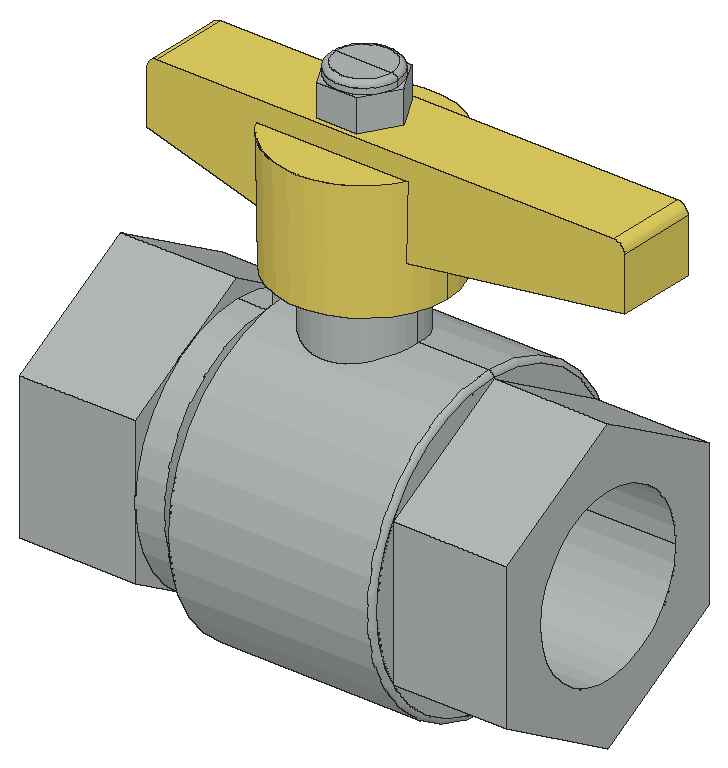
Revit family "QP12220000", category Apparecchi idraulici, Revit 2020
Family settings
  Quota connettore circolare = Usa diametro
  Tipo di parte = Normale
  Numero OmniClass = 23.45.00.00
  Titolo OmniClass = Sanitary, Laundry, and Cleaning Equipment
  Basato su piano di lavoro = No
  Sempre verticale = Sì
  Taglio con vuoti quando caricato = No
  Condiviso = No
  Punto di calcolo locali = No
Parameters
  URL = "https://web.cimberio.com/index.php/figura/692?subcategoria_id="
  Temperatura di esercizio = "-20 ÷ 60°C"
  Prospetto di default = 0 mm
  Produttore = "CIMBERIO SPA"
  Pressione nominale = "MOP 5"
  Modello = "Cim 802FP"
  Materiale = "Prodotto in lega di ottone conforme alla norma EN 12165-CW617N-DW"
  Descrizione = "Utilizzato nell’impiantistica distributiva di gas a bassa pressione per le categorie:\r\nGas naturali: gas derivati dal petrolio (Metano) e gas di ricambio.\r\nGas di città: prodotti secondo i diversi procedimenti (Cracking - Cokerie - ecc.).\r\nGas liquidi: propano e miscele di gas propano/butano"
  DN Model [instance] = QP12221032 : QP12221032
  DN [instance] = 32 mm
  Commenti sul tipo = "Realizzato in ottemperanza ai requisiti gestionali della norma EN ISO 9001.\r\nCollaudato al 100% secondo la normativa EN 12266-1"
Reference planes
  plane 1 "Centro (Fronte/Retro)": y = 0
  plane 2: z = 0
  plane 3 "Centro (Sinistra/Destra)": x = 0
Dimensions and locks
  aligned and locked: level to plane 2
Nested families
  nested 1: "QP12221032" at (0, 0, 0), type <- "DN Model", type "QP12221032"
  nested 2: "QP12221032" at (0, 0, 0), type <- "DN Model", type "QP12221032"
  nested 3: "QP12221032" at (0, 0, 0), type <- "DN Model", type "QP12221032"
  nested 4: "QP12221032" at (0, 0, 0), type <- "DN Model", type "QP12221032"
  nested 5: "QP12221032" at (0, 0, 0), type <- "DN Model", type "QP12221032"
  nested 6: "QP12221032" at (0, 0, 0), type <- "DN Model", type "QP12221032"
Connectors
  piping at (45.85, 0, 0), diameter 32, driven by "DN"
    settings: on nested 1, index 1, connector inside diameter 609.6 mm, connector length 0 mm, flow factor 0, pipe flow 0.0 L/s, pressure drop 0.0 Pa, fitting loss kfactor 0, connector angle 0.00°, fixture units 0, engagement length 0 mm, angle of deflection 0.00°, flow configuration 0, flow direction 0, fitting loss method 0, system type 7, joint type 0, gender type 0, connector reference index -1, connector utility 0, adjustable connector no, is connector primary yes, connector description ""
  piping at (-45.85, 0, 0), diameter 32, driven by "DN"
    settings: on nested 1, index 2, connector inside diameter 609.6 mm, connector length 0 mm, flow factor 0, pipe flow 0.0 L/s, pressure drop 0.0 Pa, fitting loss kfactor 0, connector angle 0.00°, fixture units 0, engagement length 0 mm, angle of deflection 0.00°, flow configuration 0, flow direction 0, fitting loss method 0, system type 7, joint type 0, gender type 0, connector reference index -1, connector utility 0, adjustable connector no, is connector primary no, connector description ""
Definition of nested family "QP12221032"
  Parameters (values of type "QP12221032")
    Default Elevation = 0 mm
  Reference planes
    plane 1 "Centro (Fronte/Retro)": y = 0
    plane 2: z = 0
    plane 3 "Centro (Sinistra/Destra)": x = 0
  Forms (mm)
    Revolve 1, solid
      sketch origin (0, 0, 7.017) x (1, 0, 0) y (0, 0, 1)
        loop
          line (15.647, 30.783) -> (16.086, 53.338) -> (0, 53.338) -> (0, 30.783) -> (15.647, 30.783)
        axis (0, 53.338) -> (0, 30.783)
      angle from 0 to 360
    Extrusion 2, solid
      sketch origin (0, 0, 49.832) x (0.380137, 0.92493, 0) y (-0.92493, 0.380137, 0)
        loop
          line (2.853, -6.941) -> (7.437, -1) -> (4.585, 5.941) -> (-2.853, 6.941) -> (-7.437, 1) -> (-4.585, -5.941) -> (2.853, -6.941)
      from 14.468 to 20.468
    Revolve 3, solid
      sketch origin (0, 0, -1.484) x (1, 0, 0) y (0, 0, 1)
        loop
          line (0, 41.824) -> (0, 11.324) -> (10.003, 11.324) -> (10.003, 41.824) -> (0, 41.824)
        axis (0, 41.824) -> (0, 11.324)
      angle from 0 to 360
    Extrusion 4, solid
      sketch origin (0, 0, -1.484) x (1, 0, 0) y (0, 0, 1)
        loop
          line (-9, 46.284) -> (-16, 46.284) -> (-16, 16.702) -> (-9, 16.702) -> (-9, 46.284)
      from -1.5 to 1.5
    Revolve 5, solid
      sketch origin (0, 0, -1.484) x (1, 0, 0) y (0, 0, 1)
        loop
          line (0, 33.247) -> (-8.299, 33.247) -> (-8.299, 31.791) -> (-7.423, 31.285) -> (-7.423, 30.49) -> (-8.299, 29.984) -> (-8.299, 29.189) -> (-7.423, 28.683) -> (-7.423, 27.74) -> (-8.299, 26.864) -> (-8.299, 25.951) -> (0, 25.951) -> (0, 33.247)
        axis (0, 33.247) -> (0, 25.951)
      angle from 0 to 360
    Revolve 6, solid
      sketch origin (0, 0, 19.055) x (1, 0, 0) y (0, 0, 1)
        loop
          line (0, 53.245) -> (0, 51.245) -> (6.25, 51.245) -> (6.25, 52.245)
          arc (6.25, 52.245) -> (5.957, 52.952) -> (5.25, 53.245) r 1
          line (5.25, 53.245) -> (0, 53.245)
        axis (0, 53.245) -> (0, 51.245)
      angle from 0 to 360
    Extrusion 7, solid
      sketch origin (-16, 0, 0) x (0, 0, 1) y (0, 1, 0)
        loop
          circle (0, 0) r 16
        loop
          line (27.4, 0) -> (13.7, 23.729) -> (-13.7, 23.729) -> (-27.4, 0) -> (-13.7, -23.729) -> (13.7, -23.729) -> (27.4, 0)
      from 8 to 29.85
    Revolve 8, solid
      sketch origin (0, 0, 0) x (1, 0, 0) y (0, 0, 1)
        loop
          line (-24, -16) -> (-24, -24) -> (-18.5, -24) -> (-14, -28.5) -> (23.35, -28.5)
          arc (23.35, -28.5) -> (24.057, -28.207) -> (24.35, -27.5) r 1
          line (24.35, -27.5) -> (24.35, -16) -> (-24, -16)
        axis (-24, 0) -> (24.35, 0)
      angle from 0 to 360
    Extrusion 9, solid
      sketch origin (0, 0, 8.501) x (1, 0, 0) y (0, 0, 1)
        loop
          line (-35, 53.799) -> (-35, 43.799) -> (-13.897, 37.769) -> (11.972, 37.769) -> (55, 43.799) -> (55, 53.799)
          arc (55, 53.799) -> (54.414, 55.213) -> (53, 55.799) r 2
          line (53, 55.799) -> (-33, 55.799)
          arc (-33, 55.799) -> (-34.414, 55.213) -> (-35, 53.799) r 2
      from -7.434 to 7.499
    Extrusion 10, solid
      sketch origin (16, 0, 0) x (0, 0, 1) y (0, -1, 0)
        loop
          circle (0, 0) r 16
        loop
          line (27.4, 0) -> (13.7, 23.729) -> (-13.7, 23.729) -> (-27.4, 0) -> (-13.7, -23.729) -> (13.7, -23.729) -> (27.4, 0)
      from 8 to 29.85
  Cuts and joins
    joined: Revolve 3, Extrusion 4
  Dimensions and locks
    aligned and locked: level to plane 2
